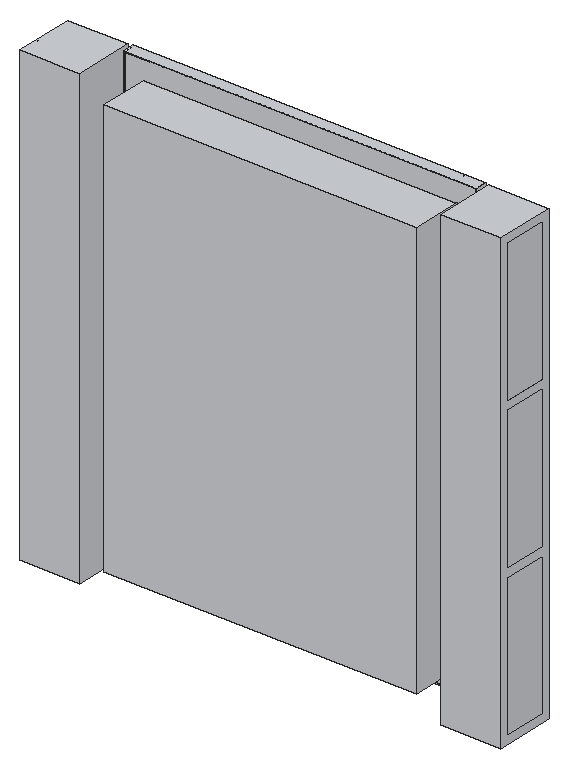
Revit family "Medicine_Cabinet_-_Modern_8415", category Generic Models, host Wall, Revit 2020
Family settings
  Host = Wall
  Can host rebar = No
  Round Connector Dimension = Use Diameter
  Part Type = Normal
  Always vertical = Yes
  Cut with Voids When Loaded = No
  Shared = No
  Room Calculation Point = No
Parameters
  Mirror [instance] = none
  Frosted Glass [instance] = none
  Default Elevation = 0' - 0"
  Brushed Aluminum [instance] = none
Reference planes (in)
  plane 1: y = 0
  plane 2 "Center (Left/Right)": x = 0
  plane 3 "Wall Edge": y = 3
  plane 4: y = 6
  plane 5: x = -8.75
  plane 6: x = 8.75
  plane 7: z = 34
  plane 8: z = 50.95699
  plane 9: z = 73.76268
  plane 10: z = 58.61699
  plane 11: z = 66.10268
  plane 12: z = 73.70018
Forms (in)
  Extrusion 1, solid, material <- "Mirror"
    sketch origin (0, 0, 0) x (1, 0, 0) y (0, 1, 0)
      loop
        line (-8.75, 6) -> (-8.75, 5.5) -> (8.75, 5.5) -> (8.75, 6) -> (-8.75, 6)
    from 50.95699 to 73.72169
  Sweep 2, solid, material <- "Brushed Aluminum"
    path origin (0, 3, 0) x (1, 0, 0) y (0, 0, 1)
      loop
        line (8.75, 73.72169) -> (-8.75, 73.72169) -> (-8.75, 50.95699) -> (8.75, 50.95699) -> (8.75, 73.72169)
    profile origin (8.75, 3, 62.33934) x (0, -1, 0) y (1, 0, 0)
      loop
        line (-3, 0.04098) -> (-3.06537, 0.04098) -> (-3.03303, -0.42151) -> (-3, -0.42151) -> (-3, 0) -> (-2.5, 0) -> (-2.5, 0.04098) -> (-3, 0.04098)
  Extrusion 3, solid, material <- "Brushed Aluminum"
    sketch origin (0, 3, 0) x (1, 0, 0) y (0, 0, 1)
      loop
        line (7.79098, 72.76268) -> (-7.79098, 72.76268) -> (-7.79098, 51.916) -> (7.79098, 51.916) -> (7.79098, 72.76268)
    from -2.5 to 0
  Extrusion 4, solid, material <- "Brushed Aluminum"
    sketch origin (73.5, 9, 66) x (1, 0, 0) y (0, 1, 0)
      loop
        line (-82.5, -3) -> (-85.5, -3) -> (-85.5, -6) -> (-82.5, -6) -> (-82.5, -3)
      loop
        line (-85.4375, -5.9375) -> (-82.5625, -5.9375) -> (-82.5625, -3.0625) -> (-85.4375, -3.0625) -> (-85.4375, -5.9375)
    from -15.04301 to 7.76268
  Extrusion 5, solid, material <- "Brushed Aluminum"
    sketch origin (94.5, 9, 66) x (1, 0, 0) y (0, 1, 0)
      loop
        line (-82.5, -3) -> (-85.5, -3) -> (-85.5, -6) -> (-82.5, -6) -> (-82.5, -3)
      loop
        line (-85.4375, -5.9375) -> (-82.5625, -5.9375) -> (-82.5625, -3.0625) -> (-85.4375, -3.0625) -> (-85.4375, -5.9375)
    from -15.04301 to 7.76268
  Extrusion 6, void
    sketch origin (0, 3, 0) x (1, 0, 0) y (0, 0, 1)
      loop
        line (-11.625, 73.38768) -> (-11.625, 66.29018) -> (-9.375, 66.29018) -> (-9.375, 73.38768) -> (-11.625, 73.38768)
      loop
        line (-11.625, 51.33199) -> (-9.375, 51.33199) -> (-9.375, 58.42949) -> (-11.625, 58.42949) -> (-11.625, 51.33199)
      loop
        line (-9.375, 65.91518) -> (-11.625, 65.91518) -> (-11.625, 58.80449) -> (-9.375, 58.80449) -> (-9.375, 65.91518)
    from -64.4685 to -1.43814
  Extrusion 7, void
    sketch origin (21, 3, 0) x (1, 0, 0) y (0, 0, 1)
      loop
        line (-11.625, 73.38768) -> (-11.625, 66.29018) -> (-9.375, 66.29018) -> (-9.375, 73.38768) -> (-11.625, 73.38768)
      loop
        line (-11.625, 51.33199) -> (-9.375, 51.33199) -> (-9.375, 58.42949) -> (-11.625, 58.42949) -> (-11.625, 51.33199)
      loop
        line (-9.375, 65.91518) -> (-11.625, 65.91518) -> (-11.625, 58.80449) -> (-9.375, 58.80449) -> (-9.375, 65.91518)
    from -64.4685 to -1.43814
  Extrusion 8, void
    sketch origin (12, 6, 66) x (0, 1, 0) y (0, 0, -1)
      loop
        line (-2.625, -7.38768) -> (-0.375, -7.38768) -> (-0.375, -0.29018) -> (-2.625, -0.29018) -> (-2.625, -7.38768)
      loop
        line (-0.375, 14.66801) -> (-2.625, 14.66801) -> (-2.625, 7.57051) -> (-0.375, 7.57051) -> (-0.375, 14.66801)
      loop
        line (-2.625, 0.08482) -> (-0.375, 0.08482) -> (-0.375, 7.19551) -> (-2.625, 7.19551) -> (-2.625, 0.08482)
    from -1.31992 to 1.03836
  Extrusion 9, void
    sketch origin (12, 6, 66) x (0, 1, 0) y (0, 0, -1)
      loop
        line (-2.625, -7.38768) -> (-0.375, -7.38768) -> (-0.375, -0.29018) -> (-2.625, -0.29018) -> (-2.625, -7.38768)
      loop
        line (-0.375, 14.66801) -> (-2.625, 14.66801) -> (-2.625, 7.57051) -> (-0.375, 7.57051) -> (-0.375, 14.66801)
      loop
        line (-2.625, 0.08482) -> (-0.375, 0.08482) -> (-0.375, 7.19551) -> (-2.625, 7.19551) -> (-2.625, 0.08482)
    from 22.31305 to 26.56292
  Extrusion 10, solid, material <- "Frosted Glass"
    sketch origin (5.75, 9, 58.61699) x (1, 0, 0) y (0, 1, 0)
      loop
        line (6.1875, -5.9375) -> (6.1875, -3.0625) -> (3.3125, -3.0625) -> (3.3125, -3.125) -> (6.125, -3.125) -> (6.125, -5.9375) -> (6.1875, -5.9375)
      loop
        line (-17.6875, -5.9375) -> (-17.625, -5.9375) -> (-17.625, -3.125) -> (-14.8125, -3.125) -> (-14.8125, -3.0625) -> (-17.6875, -3.0625) -> (-17.6875, -5.9375)
    from -7.48527 to 14.94821
  Extrusion 11, solid, material <- "Brushed Aluminum"
    sketch origin (5.75, 9, 58.61699) x (1, 0, 0) y (0, 1, 0)
      loop
        line (6.25, -6) -> (6.25, -3) -> (3.25, -3) -> (3.25, -6) -> (6.25, -6)
      loop
        line (-14.75, -6) -> (-14.75, -3) -> (-17.75, -3) -> (-17.75, -6) -> (-14.75, -6)
    from 15.08319 to 15.14569
  Extrusion 12, solid, material <- "Brushed Aluminum"
    sketch origin (5.75, 9, 58.61699) x (1, 0, 0) y (0, 1, 0)
      loop
        line (6.25, -3) -> (3.25, -3) -> (3.25, -6) -> (6.25, -6) -> (6.25, -3)
      loop
        line (-14.75, -3) -> (-17.75, -3) -> (-17.75, -6) -> (-14.75, -6) -> (-14.75, -3)
    from -7.66 to -7.5975
Cuts and joins
  Extrusion 6, Extrusion 7, Extrusion 9 cuts Extrusion 4
  Extrusion 7, Extrusion 8, Extrusion 9 cuts Extrusion 5
  joined: Extrusion 4, Extrusion 5, Extrusion 11, Extrusion 12
  Extrusion 8 cuts Extrusion 1
  Extrusion 8 cuts Sweep 2
  Extrusion 8 cuts Extrusion 3
Text (in)
  text "Placement Side" at (0, 40.15149, 123.01588), in view "Right"
  text "Placement Side" at (-70.3804, 28.46503, 0), in view "Ref. Level"
  text "Placement Side" at (0, 81.62555, 140.59947), in view "Left"
Dimensions and locks (in)
  locked: plane 3 "Wall Edge" to host wall
Nested families (in)
  nested 1: "MedicineCabinetLight" at (10.42009, 4.6875, 8.5743), type "MedicineCabinetLight"
  nested 2: "MedicineCabinetLight" at (-10.83686, 4.6875, 8.5743), type "MedicineCabinetLight"
Definition of nested family "MedicineCabinetLight"
  Parameters
    Wattage = 12.1178 W
    built-in parameter 1150110 = 1 (stored number, unit not read)
    built-in parameter 1114217 = 1 (stored number, unit not read)
    built-in parameter 1150109 = 1 (stored number, unit not read)
    built-in parameter 1150134 = (empty or 0)
    built-in parameter 1150113 = 1 (stored number, unit not read)
    Lumens = 1800 lm
    built-in parameter 1150115 = 1 (stored number, unit not read)
    built-in parameter 1150105 = 143.24 (stored number, unit not read)
    Light Source Symbol Size = 1' - 0"
    built-in parameter 1150137 = (empty or 0)
    built-in parameter 1150139 = (empty or 0)
    built-in parameter 1150112 = 1 (stored number, unit not read)
    built-in parameter 1150114 = 1 (stored number, unit not read)
    built-in parameter 1150132 = 2
    built-in parameter 1150102 = (empty or 0)
    built-in parameter 1150138 = (empty or 0)
    built-in parameter 1150107 = 3000 (stored number, unit not read)
    built-in parameter 1150106 = 1.4324 (stored number, unit not read)
    Emit from Line Length = 1' - 2"
    built-in parameter 1150104 = 13.8 (stored number, unit not read)
    Dimming Lamp Color Temperature Shift = (empty or 0)
    Default Elevation = 0' - 0"
    Color Filter = 16777215
    built-in parameter 1114218 = 1 (stored number, unit not read)
    built-in parameter 1150133 = 10 (stored number, unit not read)
  Reference planes (in)
    plane 1 "Light Source Axis (F/B)": y = 0
    plane 2: z = 0
    plane 3 "Light Source Axis (L/R)": x = 0
    plane 4 "Light Source Elevation": z = 54
  Dimensions and locks (in)
    imposter light to imposter light = 1' - 2"
    aligned and locked: plane 1 "Light Source Axis (F/B)" to imposter light
